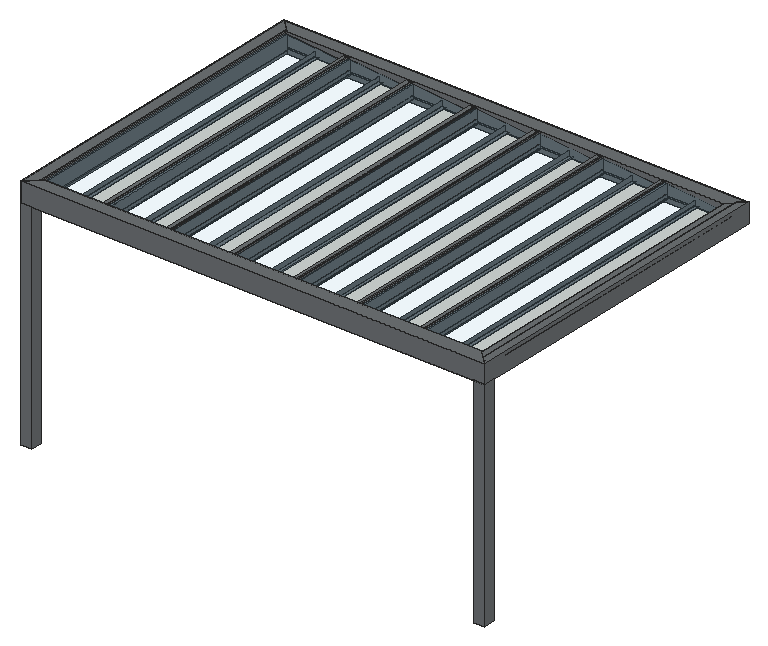
Revit family "Verano_V870_Belluno_GM_R21_Wall Attached 2", category Generic Models, Revit 2021
Family settings
  Can host rebar = No
  Round Connector Dimension = Use Diameter
  Part Type = Normal
  Work Plane-Based = No
  Always vertical = Yes
  Cut with Voids When Loaded = No
  Shared = No
  Room Calculation Point = No
Parameters (values of type "TYPE 1 - Single")
  Width 2 Input (2500 - 4250mm) [instance] = 4250 mm
  Width 2 Constraint [instance] = if([Length 2 Input (1787 - 6000mm)] < 1787 mm, 1787 mm, if([Length 2 Input (1787 - 6000mm)] > 6000 mm, 6000 mm, [Length 2 Input (1787 - 6000mm)]))  # 6000 mm
  Width 1 Input (2500 - 4250mm) [instance] = 4250 mm
  Pillar 3 Visibility = TYPE = 3  # no
  Pillar 2 Visibility = TYPE = 2  # no
  Pillar 1 Visibility = if(or(TYPE = 1, TYPE = 3), 1 = 1, 1 = 0)  # yes
  Width 1 Constraint [instance] = if([Length 1 Input (1787 - 6000mm)] < 1787 mm, 1787 mm, if([Length 1 Input (1787 - 6000mm)] > 6000 mm, 6000 mm, [Length 1 Input (1787 - 6000mm)]))  # 6000 mm
  Warning - Width [instance] = if(or([Width 1 Input (2500 - 4250mm)] < 2500 mm, [Width 1 Input (2500 - 4250mm)] > 4250 mm, [Width 2 Input (2500 - 4250mm)] < 2500 mm, [Width 2 Input (2500 - 4250mm)] > 4250 mm), 1 = 1, 1 = 0)  # no
  Warning - Length [instance] = if(or([Length 1 Input (1787 - 6000mm)] < 1787 mm, [Length 1 Input (1787 - 6000mm)] > 6000 mm, [Length 2 Input (1787 - 6000mm)] < 1787 mm, [Length 2 Input (1787 - 6000mm)] > 6000 mm), 1 = 1, 1 = 0)  # no
  URL = ""
  Pillar Height Constraint [instance] = Height Constraint - 250 mm  # 2800 mm
  Panel Material [instance] = Glass
  Overall Width [instance] = if(TYPE = 1, Width 1 Constraint, if(TYPE = 3, Width 1 Constraint, Width 1 Constraint + Width 2 Constraint))  # 6000 mm
  Overall Depth [instance] = if(TYPE = 1, Depth 1 Constraint, if(TYPE = 2, Depth 1 Constraint, Depth 1 Constraint + Depth 2 Constraint))  # 4250 mm
  Model = "V870 Belluno"
  Manufacturer = "Verano Systems"
  Length 2 Input (1787 - 6000mm) [instance] = 6000 mm
  Length 1 Input (1787 - 6000mm) [instance] = 6000 mm
  Height Input (600 - 3050mm) [instance] = 3050 mm
  Height Constraint [instance] = if([Height Input (600 - 3050mm)] < 600 mm, 600 mm, if([Height Input (600 - 3050mm)] > 3050 mm, 3050 mm, [Height Input (600 - 3050mm)]))  # 3050 mm
  TYPE = 1
  Freestanding-Single = TYPE = 1  # yes
  Freestanding - Double Series = TYPE = 3  # no
  Freestanding - Double Parallel = TYPE = 2  # no
  Frame Material [instance] = V_Antracite
  Fabric Material [instance] = V_Fabric Beige
  Depth 2 Constraint [instance] = if([Width 2 Input (2500 - 4250mm)] < 2500 mm, 2500 mm, if([Width 2 Input (2500 - 4250mm)] > 4250 mm, 4250 mm, [Width 2 Input (2500 - 4250mm)]))  # 4250 mm
  Depth 1 Constraint [instance] = if([Width 1 Input (2500 - 4250mm)] < 2500 mm, 2500 mm, if([Width 1 Input (2500 - 4250mm)] > 4250 mm, 4250 mm, [Width 1 Input (2500 - 4250mm)]))  # 4250 mm
  Default Elevation = 0 mm
  Close Factor Constraint [instance] = if([Closing Factor (0-100%)] < 0, 0, if([Closing Factor (0-100%)] > 100, 100, [Closing Factor (0-100%)]))  # 50
  Closing Factor (0-100%) [instance] = 50
Types (3, lengths in mm): name | Pillar 3 Visibility | Pillar 2 Visibility | Pillar 1 Visibility | URL | Overall Width | Overall Depth | TYPE | Freestanding-Single | Freestanding - Double Series | Freestanding - Double Parallel | Close Factor Constraint | Closing Factor (0-100%)
  TYPE 1 - Single | no | no | yes | "" | 6000 | 4250 | 1 | yes | no | no | 50 | 50
  TYPE 2 - Double Parallel | no | yes | no | "" | 12000 | 4250 | 2 | no | no | yes | 100 | 100
  TYPE 3 - Double Series | yes | no | yes | "https://verano.nl/catalogus/lamellendaken" | 6000 | 8500 | 3 | no | yes | no | 50 | 50
Reference planes
  plane 1 "Center (Front/Back)": y = 0
  plane 2: z = 0
  plane 3 "Center (Left/Right)": x = 0
  plane 4: y = -4250
  plane 5: x = 6000
  plane 6: x = -6000
  plane 7: y = 4250
  plane 8: y = -4175
  plane 9: x = -5925
  plane 10: y = 4175
  plane 11: x = 5925
  plane 12: y = -75
  plane 13: x = -75
  plane 14: x = -3000
  plane 15: y = -2125
  plane 16: y = 2125
Lines and regions (mm)
  symbolic lines, style "GenericModelHiddenLines", visible <- "Freestanding - Double Series"
    curve 1: line (0, 4250, 0) -> (-6000, 4250, 0)
    curve 2: line (0, 4250, 0) -> (0, -4250, 0)
    curve 3: line (0, -4250, 0) -> (-6000, -4250, 0)
    curve 4: line (-6000, 4250, 0) -> (-6000, -4250, 0)
  symbolic lines, style "GenericModelHiddenLines", visible <- "Freestanding - Double Parallel"
    curve 5: line (6000, 0, 0) -> (-6000, 0, 0)
    curve 6: line (6000, 0, 0) -> (6000, -4250, 0)
    curve 7: line (6000, -4250, 0) -> (-6000, -4250, 0)
    curve 8: line (-6000, 0, 0) -> (-6000, -4250, 0)
  symbolic lines, style "GenericModelHiddenLines", visible <- "Freestanding-Single"
    curve 9: line (0, 0, 0) -> (-6000, 0, 0)
    curve 10: line (0, 0, 0) -> (0, -4250, 0)
    curve 11: line (0, -4250, 0) -> (-6000, -4250, 0)
    curve 12: line (-6000, 0, 0) -> (-6000, -4250, 0)
Dimensions and locks
  "Depth 1 Constraint": plane 4 to plane 1 "Center (Front/Back)"
  "Depth 2 Constraint": plane 1 "Center (Front/Back)" to plane 7
  "Width 1 Constraint": plane 6 to plane 3 "Center (Left/Right)"
  "Width 2 Constraint": plane 3 "Center (Left/Right)" to plane 5
  plane 4 to plane 7 = 8500 mm
  plane 6 to plane 5 = 12000 mm
  locked: plane 6 to plane 9 at 75
  locked: plane 4 to plane 8 at 75
  locked: plane 12 to plane 1 "Center (Front/Back)" at 75
  locked: plane 10 to plane 7 at 75
  locked: plane 13 to plane 3 "Center (Left/Right)" at 75
  locked: plane 11 to plane 5 at 75
  equal spacing: plane 6, plane 14, plane 3 "Center (Left/Right)"
  equal spacing: plane 4, plane 15, plane 1 "Center (Front/Back)"
  equal spacing: plane 1 "Center (Front/Back)", plane 16, plane 7
  aligned and locked: level to plane 2
  aligned and locked: nested 1 to plane 8
  aligned and locked: nested 1 to plane 9
  aligned and locked: plane 8 to nested 4
  aligned and locked: nested 4 to plane 13
  aligned and locked: nested 2 to plane 12
  aligned and locked: plane 9 to nested 2
  aligned and locked: plane 13 to nested 3
  aligned and locked: plane 12 to nested 3
  aligned and locked: nested 5 to plane 10
  aligned and locked: plane 9 to nested 5
  aligned and locked: plane 13 to nested 7
  aligned and locked: plane 10 to nested 7
  aligned and locked: nested 6 to plane 1 "Center (Front/Back)"
  aligned and locked: plane 9 to nested 6
  aligned and locked: plane 13 to nested 8
  aligned and locked: plane 1 "Center (Front/Back)" to nested 8
  aligned and locked: plane 11 to nested 10
  aligned and locked: plane 12 to nested 10
  aligned and locked: nested 12 to plane 3 "Center (Left/Right)"
  aligned and locked: plane 8 to nested 12
  aligned and locked: plane 12 to nested 11
  aligned and locked: plane 3 "Center (Left/Right)" to nested 11
  aligned and locked: nested 9 to plane 11
  aligned and locked: plane 8 to nested 9
  aligned and locked: nested 13 to plane 9
  aligned and locked: nested 13 to plane 8
  aligned and locked: plane 8 to nested 14
  aligned and locked: nested 14 to plane 13
  aligned and locked: plane 9 to nested 15
  aligned and locked: nested 15 to plane 12
  aligned and locked: nested 16 to plane 15
  aligned and locked: nested 16 to plane 14
  aligned and locked: nested 17 to plane 3 "Center (Left/Right)"
  aligned and locked: nested 17 to plane 15
  aligned and locked: nested 18 to plane 16
  aligned and locked: nested 18 to plane 14
  aligned and locked: curve 1 to plane 7
  aligned and locked: curve 2 to plane 3 "Center (Left/Right)"
  aligned and locked: curve 3 to plane 4
  aligned and locked: curve 4 to plane 6
  aligned and locked: curve 5 to plane 1 "Center (Front/Back)"
  aligned and locked: curve 6 to plane 5
  aligned and locked: curve 7 to plane 4
  aligned and locked: curve 8 to plane 6
  aligned and locked: curve 9 to plane 1 "Center (Front/Back)"
  aligned and locked: curve 10 to plane 3 "Center (Left/Right)"
Nested families
  nested 1: "Pillar" at (-5925, -4175, 0), type "Pillar"
    with Pillar Height 2800 mm
  nested 2: "Pillar" at (-5925, -75, 0), type "Pillar", not visible
    with Pillar Height 2800 mm
  nested 3: "Pillar" at (-75, -75, 0), type "Pillar", not visible
    with Pillar Height 2800 mm
  nested 4: "Pillar" at (-75, -4175, 0), visible <- "Pillar 1 Visibility", type "Pillar"
    with Pillar Height 2800 mm
  nested 5: "Pillar" at (-5925, 4175, 0), type "Pillar", not visible
    with Pillar Height 2800 mm
  nested 6: "Pillar" at (-5925, 0, 0), visible <- "Pillar 3 Visibility", type "Pillar"
    with Pillar Height 2800 mm
  nested 7: "Pillar" at (-75, 4175, 0), type "Pillar", not visible
    with Pillar Height 2800 mm
  nested 8: "Pillar" at (-75, 0, 0), visible <- "Pillar 3 Visibility", type "Pillar"
    with Pillar Height 2800 mm
  nested 9: "Pillar" at (5925, -4175, 0), visible <- "Pillar 2 Visibility", type "Pillar"
    with Pillar Height 2800 mm
  nested 10: "Pillar" at (5925, -75, 0), type "Pillar", not visible
    with Pillar Height 2800 mm
  nested 11: "Pillar" at (0, -75, 0), type "Pillar", not visible
    with Pillar Height 2800 mm
  nested 12: "Pillar" at (0, -4175, 0), visible <- "Pillar 2 Visibility", type "Pillar"
    with Pillar Height 2800 mm
  nested 13: "Pillar" at (-5925, -4175, 0), type "Pillar"
    with Pillar Height 2800 mm
  nested 14: "Pillar" at (-75, -4175, 0), visible <- "Pillar 1 Visibility", type "Pillar"
    with Pillar Height 2800 mm
  nested 15: "Pillar" at (-5925, -75, 0), type "Pillar", not visible
    with Pillar Height 2800 mm
  nested 16: "Frame_TYPE 1" at (-3000, -2125, 2800), built-in parameter 1001360 <- "Pillar Height Constraint", type "Frame_TYPE 1"
    with Width 6000 mm, Segment Width 817.857 mm, Openness Percentage (1 - 100) 50, Openness Maximal 737.857 mm, Internal Width 5645 mm, Internal Depth 3895 mm, Glass Width 788.418 mm, Fabric Width 433.929 mm, Fabric Openness 368.929 mm, Depth 4250 mm, Clear Segment Width 737.857 mm, Angle 2 4.61966°, Angle 1 4.61966°
  nested 17: "Frame_TYPE 1" at (2997.5, -2125, 2800), built-in parameter 1001360 <- "Pillar Height Constraint", visible <- "Freestanding - Double Parallel", type "Frame_TYPE 2"
    with Width 6000 mm, Segment Width 817.857 mm, Openness Percentage (1 - 100) 50, Openness Maximal 737.857 mm, Internal Width 5645 mm, Internal Depth 3895 mm, Glass Width 788.418 mm, Fabric Width 433.929 mm, Fabric Openness 368.929 mm, Depth 4250 mm, Clear Segment Width 737.857 mm, Angle 2 4.61966°, Angle 1 4.61966°
  nested 18: "Frame_TYPE 1" at (-3000, 2125, 2800), visible <- "Freestanding - Double Series", built-in parameter 1001360 <- "Pillar Height Constraint", type "Frame_TYPE 3"
    with Width 6000 mm, Segment Width 817.857 mm, Openness Percentage (1 - 100) 50, Openness Maximal 737.857 mm, Internal Width 5645 mm, Internal Depth 3895 mm, Glass Width 788.418 mm, Fabric Width 433.929 mm, Fabric Openness 368.929 mm, Depth 4250 mm, Clear Segment Width 737.857 mm, Angle 2 4.61966°, Angle 1 4.61966°
Definition of nested family "Pillar"
  Parameters (values of type "Pillar")
    Pillar Height = 2500 mm
    Frame Material = none
    Default Elevation = 0 mm
  Reference planes
    plane 1 "Center (Front/Back)": y = 0
    plane 2: z = 0
    plane 3 "Center (Left/Right)": x = 0
    plane 4: z = 2500
  Forms (mm)
    Extrusion 1, solid, material <- "Frame Material"
      sketch origin (0, 0, 0) x (1, 0, 0) y (0, 1, 0)
        loop
          line (73, 75) -> (-73, 75) -> (-75, 73) -> (-75, -73) -> (-73, -75) -> (73, -75) -> (75, -73) -> (75, 73) -> (73, 75)
      from 0 to 2500
  Dimensions and locks
    "Pillar Height": plane 4 to level
    aligned and locked: level to plane 2
    aligned and locked: plane 4 to Extrusion 1
  Automatic sketch dimensions
    Extrusion 1 sketch curve to Extrusion 1 sketch curve = 2 mm  (x7)
    Extrusion 1 sketch curve to plane 1 "Center (Front/Back)" = 73 mm  (x2)
    Extrusion 1 sketch curve to plane 3 "Center (Left/Right)" = 75 mm
    plane 3 "Center (Left/Right)" to Extrusion 1 sketch curve = 73 mm
    plane 1 "Center (Front/Back)" to Extrusion 1 sketch curve = 73 mm
Definition of nested family "Frame_TYPE 1"
  Parameters (values of type "Frame_TYPE 1")
    Width = 5987 mm
    Segment Width = (Internal Width + 80 mm) / Number of Segments Constraint  # 816 mm
    Panel Material = none
    Openness Percentage (1 - 100) = 25
    Openness Maximal = Segment Width - 80 mm  # 736 mm
    Openness Minimal = 0 mm  # constant formula
    Number of Segments Constraint = if(Number of Segments < 3, 3, Number of Segments)  # 7
    Number of Segments = Internal Width / 800 mm  # 7
    Number of Rails = Number of Segments Constraint - 1  # 6
    Internal Width = Width - 2 * 177.5 mm  # 5632 mm
    Internal Depth = Depth - 2 * 177.5 mm  # 3632 mm
    Glass Width = sqrt((Segment Width - 2 * 16 mm) ^ 2 + 63.5 mm ^ 2)  # 786.567 mm
    Frame Material = none
    Fabric Width = Fabric Openness + 30 mm + 35 mm  # 249 mm
    Fabric Openness = (Openness Maximal - Openness Minimal) * [Openness Percentage (1 - 100)] / 100  # 184 mm
    Fabric Material = none
    Depth = 3987 mm
    Default Elevation = 0 mm
    Clear Segment Width = Segment Width - 80 mm  # 736 mm
    Angle 2 = asin(63.5 mm / Glass Width)  # 4.63056°
    Angle 1 = acos((Segment Width - 2 * 16 mm) / Glass Width)  # 4.63056°
  Reference planes
    plane 1 "Center (Front/Back)": y = 0
    plane 2: z = 0
    plane 3 "Center (Left/Right)": x = 0
    plane 4: x = 2993.5
    plane 5: x = -2993.5
    plane 6: y = 1993.5
    plane 7: y = -1993.5
    plane 8: x = -2816
    plane 9: x = 2816
    plane 10: y = 1816
    plane 11: y = -1816
    plane 12: x = -2856
    plane 13 "C1": x = -2040
    plane 14: x = 2856
    plane 15: x = 2040
    plane 16: x = -2224
    plane 17: x = 2672
    plane 18 "Fabric": z = 67
  Lines and regions (mm)
    model lines
      curve 1: line (-2815.998, 0, 247.618) -> (-2840, 0, 247.618)
      curve 2: line (-2815.998, 0, 231.618) -> (-2815.998, 0, 247.618)
      curve 3: line (-2840, 0, 247.618) -> (-2840, 0, 224.659)
  Dimensions and locks
    equal spacing: plane 5, plane 3 "Center (Left/Right)", plane 4
    "Width": plane 5 to plane 4
    equal spacing: plane 7, plane 1 "Center (Front/Back)", plane 6
    "Depth": plane 7 to plane 6
    locked: plane 7 to plane 11 at 177.5
    locked: plane 10 to plane 6 at 177.5
    locked: plane 5 to plane 8 at 177.5
    locked: plane 9 to plane 4 at 177.5
    locked: plane 5 to plane 12 at 137.5
    "Segment Width": plane 12 to plane 13 "C1"
    locked: plane 14 to plane 4 at 137.5
    "Segment Width": plane 15 to plane 14
    plane 13 "C1" to plane 15 = 4080 mm
    "Fabric Openness": plane 16 to plane 13 "C1"
    "Fabric Openness": plane 17 to plane 14
    equal spacing: group 1, group 3, group 4, group 10, group 11, group 2  (x3)
    equal spacing: group 5, group 7, group 8, group 9, group 12, group 13, group 6  (x3)
    aligned and locked: level to plane 2
    aligned and locked: nested 1 to plane 1 "Center (Front/Back)"
    aligned and locked: plane 1 "Center (Front/Back)" to nested 2
    aligned and locked: plane 5 to nested 1
    aligned and locked: plane 4 to nested 2
    aligned and locked: nested 4 to plane 3 "Center (Left/Right)"
    aligned and locked: plane 3 "Center (Left/Right)" to nested 3
    aligned and locked: nested 3 to plane 6
    aligned and locked: nested 4 to plane 7
    aligned and locked: nested 5 to plane 1 "Center (Front/Back)"
    aligned and locked: nested 6 to plane 1 "Center (Front/Back)"
    aligned and locked: plane 16 to nested 6
    aligned and locked: plane 13 "C1" to nested 5
    aligned and locked: plane 1 "Center (Front/Back)" to nested 7
    aligned and locked: plane 15 to nested 7
    aligned and locked: plane 1 "Center (Front/Back)" to nested 10
    aligned and locked: plane 17 to nested 10
  Automatic sketch dimensions
    plane 12 to curve 3 = 16 mm
    plane 8 to curve 2 = 0.002 mm
    curve 2 to curve 1 = 16 mm
    curve 3 to curve 1 = 22.959 mm
    curve 2 to plane 18 "Fabric" = 180.618 mm
  Nested families
    nested 1: "External Profile_P3" at (-2993.5, 0, 0), type "External Profile_P3"
      with Length 3987 mm, Glass Width 786.567 mm, Glass Angle 4.63056°
    nested 2: "External Profile_P2" at (2993.5, 0, 0), type "External Profile_P2"
      with Length 3987 mm
    nested 3: "External Profile_P1" at (0, 1993.5, 0), type "External Profile_P1"
      with Length 5987 mm
    nested 4: "External Profile_P1" at (0, -1993.5, 0) x (-1, 0, 0) z (0, 0, 1), type "External Profile_P1"
      with Length 5987 mm
    nested 5: "Middle Rail" at (-2040, 0, 0), type "Middle Rail"
      with Glass Width 786.567 mm, Glass Angle 4.63056°
    nested 6: "Sliding Mask" at (-2224, 0, 0), type "Sliding Mask"
      with Length 3632 mm, Fabric Width 249 mm
    nested 7: "Middle Rail" at (2040, 0, 0), type "Middle Rail"
      with Glass Width 786.567 mm, Glass Angle 4.63056°
    nested 8: "Middle Rail" at (-1224, 0, 0), type "Middle Rail"
      with Glass Width 786.567 mm, Glass Angle 4.63056°
    nested 9: "Middle Rail" at (-408, 0, 0), type "Middle Rail"
      with Glass Width 786.567 mm, Glass Angle 4.63056°
    nested 10: "Sliding Mask" at (2672, 0, 0), type "Sliding Mask"
      with Length 3632 mm, Fabric Width 249 mm
    nested 11: "Sliding Mask" at (-1408, 0, 0), type "Sliding Mask"
      with Length 3632 mm, Fabric Width 249 mm
    nested 12: "Sliding Mask" at (-592, 0, 0), type "Sliding Mask"
      with Length 3632 mm, Fabric Width 249 mm
    nested 13: "Sliding Mask" at (224, 0, 0), type "Sliding Mask"
      with Length 3632 mm, Fabric Width 249 mm
    nested 14: "Middle Rail" at (408, 0, 0), type "Middle Rail"
      with Glass Width 786.567 mm, Glass Angle 4.63056°
    nested 15: "Middle Rail" at (1224, 0, 0), type "Middle Rail"
      with Glass Width 786.567 mm, Glass Angle 4.63056°
    nested 16: "Sliding Mask" at (1040, 0, 0), type "Sliding Mask"
      with Length 3632 mm, Fabric Width 249 mm
    nested 17: "Sliding Mask" at (1856, 0, 0), type "Sliding Mask"
      with Length 3632 mm, Fabric Width 249 mm
  Definition of nested family "External Profile_P3"
    Parameters (values of type "External Profile_P3")
      Panel Material = none
      Length = 5000 mm
      Glass Width = 250 mm
      Glass Angle = 5.10°
      Frame Material = none
      Default Elevation = 0 mm
    Reference planes
      plane 1 "Center (Front/Back)": y = 0
      plane 2: z = 0
      plane 3 "Center (Left/Right)": x = 0
      plane 4: y = 2500
      plane 5: y = -2500
      plane 6: y = 2322.49
      plane 7: y = -2322.49
      plane 8: x = 177.502
      plane 9 "GSH": z = 224.618
      plane 10 "GSV": x = 153.502
      plane 11: z = 228.618
      plane 12: z = 220.618
    Forms (mm)
      Extrusion 1, solid, material <- "Frame Material"
        sketch origin (0, 0, 0) x (1, 0, 0) y (0, 0, 1)
          loop
            line (0, 247.618) -> (0, 0) -> (177.502, 0) -> (177.502, 27) -> (160.754, 27) -> (151.502, 17.747) -> (151.502, 3) -> (2.5, 3) -> (2.5, 245.121) -> (142.51, 245.121) -> (142.51, 207.121) -> (175.51, 207.121) -> (175.51, 34.872) -> (137.76, 34.872) -> (137.76, 32.072) -> (175.51, 32.072)
            arc (175.51, 32.072) -> (176.924, 32.658) -> (177.51, 34.072) r 2
            line (177.51, 34.072) -> (177.51, 216.228) -> (160.51, 217.715) -> (160.51, 209.121) -> (144.51, 209.121) -> (144.51, 245.121) -> (175.885, 245.121) -> (175.885, 238.421) -> (177.502, 238.421) -> (177.502, 245.618)
            arc (177.502, 245.618) -> (176.916, 247.032) -> (175.502, 247.618) r 2
            line (175.502, 247.618) -> (0, 247.618)
        from -2500 to 2500
      Extrusion 2, void
        sketch origin (0, 0, 0) x (1, 0, 0) y (0, 1, 0)
          loop
            line (0, 2500) -> (177.51, 2322.49) -> (354.287, 2499.267) -> (176.777, 2676.777) -> (0, 2500)
        from 0 to 250
      Extrusion 3, void
        sketch origin (0, 0, 0) x (1, 0, 0) y (0, 1, 0)
          loop
            line (0, -2500) -> (176.777, -2676.777) -> (354.287, -2499.267) -> (177.51, -2322.49) -> (0, -2500)
        from 0 to 250
      Revolve 4, solid, not visible
        sketch origin (153.502, 0, 0) x (0, 0, -1) y (0, -1, 0)
          loop
            line (-228.618, -2322.49) -> (-220.618, -2322.49) -> (-220.618, 2322.49) -> (-228.618, 2322.49) -> (-228.618, -2322.49)
          axis (-220.618, 2322.49) -> (-220.618, -2322.49)
        angle from 5.1 <- "Glass Angle" to -90
      Extrusion 5, solid, material <- "Panel Material"
        sketch origin (153.502, -2826.516, 220.618) x (0, 1, 0) y (0.088894, 0, 0.996041)
          loop
            line (5149.006, 8) -> (504.026, 8) -> (504.026, 0) -> (5149.006, 0) -> (5149.006, 8)
        from 0 to 250 <- "Glass Width"
    Cuts and joins
      Extrusion 2, Extrusion 3 cuts Extrusion 1
    Dimensions and locks
      equal spacing: plane 5, plane 1 "Center (Front/Back)", plane 4
      "Length": plane 5 to plane 4
      locked: plane 6 to plane 4 at 177.51
      locked: plane 5 to plane 7 at 177.51
      locked: plane 3 "Center (Left/Right)" to plane 8 at 177.502
      locked: plane 10 "GSV" to plane 8 at 24
      locked: plane 9 "GSH" to plane 2 at 224.618
      equal spacing: plane 11, plane 9 "GSH", plane 12
      locked: plane 11 to plane 12 at 8
      aligned and locked: level to plane 2
      aligned and locked: Extrusion 1 to plane 4
      aligned and locked: plane 5 to Extrusion 1
      aligned and locked: plane 4 to Extrusion 2 sketch curve
      aligned and locked: plane 6 to Extrusion 2 sketch curve
      aligned and locked: plane 7 to Extrusion 3 sketch curve
      aligned and locked: plane 5 to Extrusion 3 sketch curve
      aligned and locked: plane 6 to Revolve 4 sketch curve
      aligned and locked: plane 11 to Revolve 4 sketch curve
      aligned and locked: plane 12 to Revolve 4 sketch curve
      aligned and locked: Revolve 4 sketch curve to plane 7
      aligned and locked: Extrusion 5 sketch curve to Revolve 4  (x3)
      aligned and locked: Revolve 4 to Extrusion 5 sketch curve
    Automatic sketch dimensions
      Extrusion 1 sketch curve to level = 0 mm
      Extrusion 1 sketch curve to plane 3 "Center (Left/Right)" = 0 mm
      plane 8 to Extrusion 1 sketch curve = 0 mm
      plane 3 "Center (Left/Right)" to Extrusion 1 sketch curve = 2.5 mm
      plane 8 to Extrusion 1 sketch curve = 39.742 mm
      plane 8 to Extrusion 1 sketch curve = 34.992 mm
      Extrusion 1 sketch curve to Extrusion 1 sketch curve = 2 mm  (x2)
      level to Extrusion 1 sketch curve = 3 mm
      plane 8 to Extrusion 1 sketch curve = 26.001 mm
      plane 8 to Extrusion 1 sketch curve = 16.992 mm
      Extrusion 1 sketch curve to Extrusion 1 sketch curve = 9.253 mm
      plane 8 to Extrusion 1 sketch curve = 2 mm
      plane 8 to Extrusion 1 sketch curve = 1.992 mm  (x2)
      plane 8 to Extrusion 1 sketch curve = 1.618 mm
      plane 8 to Extrusion 1 sketch curve = 0.001 mm
      Extrusion 1 sketch curve to plane 8 = 0.008 mm
      Extrusion 1 sketch curve to Extrusion 1 sketch curve = 14.747 mm
      level to Extrusion 1 sketch curve = 27 mm
      Extrusion 1 sketch curve to Extrusion 1 sketch curve = 5.072 mm
      Extrusion 1 sketch curve to Extrusion 1 sketch curve = 2.8 mm
      Extrusion 1 sketch curve to Extrusion 1 sketch curve = 172.249 mm
      Extrusion 1 sketch curve to Extrusion 1 sketch curve = 9.107 mm
      Extrusion 1 sketch curve to Extrusion 1 sketch curve = 8.594 mm
      Extrusion 1 sketch curve to Extrusion 1 sketch curve = 22.193 mm
      Extrusion 1 sketch curve to Extrusion 1 sketch curve = 27.406 mm
      Extrusion 1 sketch curve to Extrusion 1 sketch curve = 6.7 mm
      Extrusion 1 sketch curve to Extrusion 1 sketch curve = 0.497 mm
      Extrusion 2 sketch curve to plane 3 "Center (Left/Right)" = 0 mm
      plane 8 to Extrusion 2 sketch curve = 0.725 mm
      Extrusion 2 sketch curve to plane 8 = 0.008 mm
      Extrusion 3 sketch curve to plane 3 "Center (Left/Right)" = 0 mm
      plane 8 to Extrusion 3 sketch curve = 0.725 mm
      Extrusion 3 sketch curve to plane 8 = 0.008 mm
      plane 12 to Revolve 4 sketch curve = 0 mm
      Revolve 4 sketch curve to plane 4 = 176.777 mm
      plane 5 to Revolve 4 sketch curve = 326.516 mm
  Definition of nested family "External Profile_P2"
    Parameters (values of type "External Profile_P2")
      Length = 3000 mm
      Frame Material = none
      Default Elevation = 0 mm
    Reference planes
      plane 1 "Center (Front/Back)": y = 0
      plane 2: z = 0
      plane 3 "Center (Left/Right)": x = 0
      plane 4: y = 1500
      plane 5: y = -1500
      plane 6: x = -177.502
      plane 7: y = 1322.498
      plane 8: y = -1322.498
    Forms (mm)
      Extrusion 1, solid, material <- "Frame Material"
        sketch origin (0, 0, 0) x (1, 0, 0) y (0, 0, 1)
          loop
            line (0, 247.618) -> (-175.502, 247.618)
            arc (-175.502, 247.618) -> (-176.916, 247.032) -> (-177.502, 245.618) r 2
            line (-177.502, 245.618) -> (-177.502, 238.421) -> (-175.885, 238.421) -> (-175.885, 245.121) -> (-147.002, 245.121) -> (-147.002, 237.921) -> (-173.5, 237.921) -> (-173.5, 179.916) -> (-145.5, 179.916) -> (-145.5, 174.621) -> (-132.5, 161.621) -> (-132.5, 152.534) -> (-173.5, 156.121) -> (-173.5, 113.121)
            arc (-173.5, 113.121) -> (-172.036, 109.585) -> (-168.5, 108.121) r 5
            line (-168.5, 108.121) -> (-99.5, 108.121) -> (-99.5, 245.121) -> (-2.5, 245.121) -> (-2.5, 3) -> (-116.5, 3) -> (-116.5, 68.001) -> (-118.5, 68.001) -> (-118.5, 27) -> (-138.002, 27) -> (-138.002, 17) -> (-150.754, 17) -> (-160.754, 27) -> (-177.502, 27) -> (-177.502, 0) -> (0, 0) -> (0, 247.618)
          loop
            arc (-115.65, 83.486) -> (-119.983, 87.122) -> (-123.619, 82.789) r 4
            line (-123.619, 82.789) -> (-122.5, 69.995) -> (-122.5, 47.134)
            arc (-122.5, 47.134) -> (-122.793, 46.427) -> (-123.5, 46.134) r 1
            line (-123.5, 46.134) -> (-130.5, 46.134)
            arc (-130.5, 46.134) -> (-130.962, 45.825) -> (-130.854, 45.28) r 0.5
            line (-130.854, 45.28) -> (-129.5, 43.927) -> (-129.5, 43.136) -> (-128.5, 42.136) -> (-129.5, 41.136) -> (-129.5, 40.345) -> (-130.854, 38.991)
            arc (-130.854, 38.991) -> (-130.962, 38.446) -> (-130.5, 38.137) r 0.5
            line (-130.5, 38.137) -> (-123, 38.137)
            arc (-123, 38.137) -> (-121.586, 38.723) -> (-121, 40.137) r 2
            line (-121, 40.137) -> (-121, 70.06) -> (-122.125, 82.92)
            arc (-122.125, 82.92) -> (-119.852, 85.628) -> (-117.144, 83.355) r 2.5
            line (-117.144, 83.355) -> (-115.75, 67.42) -> (-115.75, 60.975) -> (-114.25, 60.975) -> (-114.25, 67.487) -> (-115.65, 83.486)
        from -1500 to 1500
      Extrusion 2, void
        sketch origin (0, 0, 0) x (1, 0, 0) y (0, 1, 0)
          loop
            line (-177.502, 1322.498) -> (0, 1500) -> (-176.777, 1676.777) -> (-354.279, 1499.275) -> (-177.502, 1322.498)
        from 0 to 250
      Extrusion 3, void
        sketch origin (0, 0, 0) x (1, 0, 0) y (0, 1, 0)
          loop
            line (-177.502, -1322.498) -> (-354.279, -1499.275) -> (-176.777, -1676.777) -> (0, -1500) -> (-177.502, -1322.498)
        from 0 to 250
    Cuts and joins
      Extrusion 2, Extrusion 3 cuts Extrusion 1
    Dimensions and locks
      equal spacing: plane 5, plane 1 "Center (Front/Back)", plane 4
      "Length": plane 5 to plane 4
      locked: plane 7 to plane 4 at 177.502
      locked: plane 6 to plane 3 "Center (Left/Right)" at 177.502  (x2)
      locked: plane 5 to plane 8 at 177.502
      aligned and locked: level to plane 2
      aligned and locked: Extrusion 1 to plane 4
      aligned and locked: plane 5 to Extrusion 1
      aligned and locked: plane 7 to Extrusion 2 sketch curve
      aligned and locked: plane 4 to Extrusion 2 sketch curve
      aligned and locked: plane 8 to Extrusion 3 sketch curve
      aligned and locked: plane 5 to Extrusion 3 sketch curve
    Automatic sketch dimensions
      Extrusion 1 sketch curve to Extrusion 1 sketch curve = 0 mm  (x4)
      Extrusion 1 sketch curve to plane 6 = 0 mm
      Extrusion 1 sketch curve to level = 0 mm
      Extrusion 1 sketch curve to plane 3 "Center (Left/Right)" = 0 mm
      plane 6 to Extrusion 1 sketch curve = 0.001 mm
      plane 6 to Extrusion 1 sketch curve = 1.618 mm
      Extrusion 1 sketch curve to Extrusion 1 sketch curve = 0.382 mm
      Extrusion 1 sketch curve to Extrusion 1 sketch curve = 2.385 mm
      plane 6 to Extrusion 1 sketch curve = 4.002 mm
      Extrusion 1 sketch curve to Extrusion 1 sketch curve = 5 mm
      Extrusion 1 sketch curve to Extrusion 1 sketch curve = 16.747 mm
      Extrusion 1 sketch curve to Extrusion 1 sketch curve = 10 mm  (x2)
      Extrusion 1 sketch curve to Extrusion 1 sketch curve = 26.498 mm
      Extrusion 1 sketch curve to Extrusion 1 sketch curve = 28 mm
      Extrusion 1 sketch curve to Extrusion 1 sketch curve = 12.753 mm
      Extrusion 1 sketch curve to Extrusion 1 sketch curve = 13 mm  (x2)
      Extrusion 1 sketch curve to Extrusion 1 sketch curve = 7.148 mm
      Extrusion 1 sketch curve to Extrusion 1 sketch curve = 0.354 mm  (x3)
      Extrusion 1 sketch curve to Extrusion 1 sketch curve = 1.354 mm  (x3)
      Extrusion 1 sketch curve to Extrusion 1 sketch curve = 1 mm  (x3)
      Extrusion 1 sketch curve to Extrusion 1 sketch curve = 6.881 mm
      Extrusion 1 sketch curve to Extrusion 1 sketch curve = 6 mm
      Extrusion 1 sketch curve to Extrusion 1 sketch curve = 5.5 mm
      Extrusion 1 sketch curve to Extrusion 1 sketch curve = 1.494 mm  (x2)
      Extrusion 1 sketch curve to Extrusion 1 sketch curve = 1.5 mm  (x2)
      Extrusion 1 sketch curve to Extrusion 1 sketch curve = 2.49 mm  (x2)
      Extrusion 1 sketch curve to Extrusion 1 sketch curve = 4.5 mm
      Extrusion 1 sketch curve to Extrusion 1 sketch curve = 2 mm
      Extrusion 1 sketch curve to Extrusion 1 sketch curve = 0.75 mm
      Extrusion 1 sketch curve to Extrusion 1 sketch curve = 47.502 mm
      Extrusion 1 sketch curve to plane 3 "Center (Left/Right)" = 2.5 mm
      level to Extrusion 1 sketch curve = 3 mm
      level to Extrusion 1 sketch curve = 17 mm
      level to Extrusion 1 sketch curve = 27 mm
      Extrusion 1 sketch curve to Extrusion 1 sketch curve = 11.137 mm
      Extrusion 1 sketch curve to Extrusion 1 sketch curve = 0.5 mm  (x2)
      Extrusion 1 sketch curve to Extrusion 1 sketch curve = 0.791 mm  (x2)
      Extrusion 1 sketch curve to Extrusion 1 sketch curve = 13.841 mm
      Extrusion 1 sketch curve to Extrusion 1 sketch curve = 6.444 mm
      Extrusion 1 sketch curve to Extrusion 1 sketch curve = 0.067 mm
      Extrusion 1 sketch curve to Extrusion 1 sketch curve = 0.581 mm
      Extrusion 1 sketch curve to Extrusion 1 sketch curve = 1.994 mm
      Extrusion 1 sketch curve to Extrusion 1 sketch curve = 0.065 mm
      Extrusion 1 sketch curve to Extrusion 1 sketch curve = 12.794 mm
      Extrusion 1 sketch curve to Extrusion 1 sketch curve = 0.131 mm
      Extrusion 1 sketch curve to Extrusion 1 sketch curve = 0.218 mm
      Extrusion 1 sketch curve to Extrusion 1 sketch curve = 24.635 mm
      Extrusion 1 sketch curve to Extrusion 1 sketch curve = 39.413 mm
      Extrusion 1 sketch curve to Extrusion 1 sketch curve = 3.587 mm
      Extrusion 1 sketch curve to Extrusion 1 sketch curve = 9.087 mm
      Extrusion 1 sketch curve to Extrusion 1 sketch curve = 5.295 mm
      Extrusion 1 sketch curve to Extrusion 1 sketch curve = 58.005 mm
      Extrusion 1 sketch curve to Extrusion 1 sketch curve = 7.2 mm  (x2)
      Extrusion 1 sketch curve to Extrusion 1 sketch curve = 0.497 mm
      Extrusion 2 sketch curve to plane 6 = 0 mm
      Extrusion 2 sketch curve to plane 3 "Center (Left/Right)" = 0 mm
      plane 4 to Extrusion 2 sketch curve = 0.725 mm
      Extrusion 3 sketch curve to plane 6 = 0 mm
      Extrusion 3 sketch curve to plane 3 "Center (Left/Right)" = 0 mm
      Extrusion 3 sketch curve to plane 5 = 0.725 mm
  Definition of nested family "External Profile_P1"
    Parameters (values of type "External Profile_P1")
      Length = 2000 mm
      Frame Material = none
      Default Elevation = 0 mm
    Reference planes
      plane 1 "Center (Front/Back)": y = 0
      plane 2: z = 0
      plane 3 "Center (Left/Right)": x = 0
      plane 4: x = -1000
      plane 5: x = 1000
      plane 6: x = -822.498
      plane 7: y = -177.502
      plane 8: x = 822.498
    Forms (mm)
      Extrusion 1, solid, material <- "Frame Material"
        sketch origin (0, 0, 0) x (0, 1, 0) y (0, 0, 1)
          loop
            line (0, 0) -> (0, 247.618) -> (-177.502, 247.618) -> (-177.502, 81.376) -> (-175.003, 81.376) -> (-175.003, 245.121) -> (-2.5, 245.121) -> (-2.5, 3) -> (-175.003, 3) -> (-175.003, 56.5) -> (-177.502, 56.5) -> (-177.502, 0) -> (0, 0)
        from -1000 to 1000
      Extrusion 2, void
        sketch origin (0, 0, 0) x (1, 0, 0) y (0, 1, 0)
          loop
            line (-1000, 0) -> (-1176.777, -176.777) -> (-999.275, -354.278) -> (-822.498, -177.502) -> (-1000, 0)
        from 0 to 250
      Extrusion 3, void
        sketch origin (0, 0, 0) x (-1, 0, 0) y (0, -1, 0)
          loop
            line (-1000, 0) -> (-822.498, 177.502) -> (-999.275, 354.278) -> (-1176.777, 176.777) -> (-1000, 0)
        from 0 to 250
    Cuts and joins
      Extrusion 2, Extrusion 3 cuts Extrusion 1
    Dimensions and locks
      equal spacing: plane 4, plane 3 "Center (Left/Right)", plane 5
      "Length": plane 4 to plane 5
      locked: plane 4 to plane 6 at 177.502
      locked: plane 7 to plane 1 "Center (Front/Back)" at 177.502
      locked: plane 8 to plane 5 at 177.502
      aligned and locked: level to plane 2
      aligned and locked: Extrusion 1 to plane 4
      aligned and locked: plane 5 to Extrusion 1
      aligned and locked: plane 1 "Center (Front/Back)" to Extrusion 2 sketch curve
      aligned and locked: plane 6 to Extrusion 2 sketch curve
      aligned and locked: plane 4 to Extrusion 2 sketch curve
      aligned and locked: plane 8 to Extrusion 3 sketch curve
      aligned and locked: plane 5 to Extrusion 3 sketch curve
    Automatic sketch dimensions
      Extrusion 1 sketch curve to plane 7 = 0 mm  (x2)
      Extrusion 1 sketch curve to level = 0 mm
      Extrusion 1 sketch curve to plane 1 "Center (Front/Back)" = 0 mm
      plane 7 to Extrusion 1 sketch curve = 2.498 mm  (x2)
      plane 1 "Center (Front/Back)" to Extrusion 1 sketch curve = 2.5 mm
      level to Extrusion 1 sketch curve = 3 mm
      Extrusion 1 sketch curve to Extrusion 1 sketch curve = 53.5 mm
      Extrusion 1 sketch curve to Extrusion 1 sketch curve = 24.876 mm
      Extrusion 1 sketch curve to Extrusion 1 sketch curve = 163.745 mm
      Extrusion 1 sketch curve to Extrusion 1 sketch curve = 2.497 mm
      Extrusion 2 sketch curve to plane 7 = 0 mm
      plane 7 to Extrusion 2 sketch curve = 0.725 mm
      plane 1 "Center (Front/Back)" to Extrusion 3 sketch curve = 0 mm
      Extrusion 3 sketch curve to plane 7 = 0 mm
      plane 7 to Extrusion 3 sketch curve = 0.725 mm
  Definition of nested family "Middle Rail"
    Parameters (values of type "Middle Rail")
      Panel Material = none
      Length = 3632 mm
      Glass Width = 713.232 mm
      Glass Angle = 5.10788°
      Frame Material = none
      Default Elevation = 0 mm
    Reference planes
      plane 1 "Center (Front/Back)": y = 0
      plane 2: z = 0
      plane 3 "Center (Left/Right)": x = 0
      plane 4: y = 1816
      plane 5: y = -1816
      plane 6: x = 15.558
      plane 7: z = 224.696
      plane 8: z = 161.199
      plane 9: x = -15.558
      plane 10: z = 225
      plane 11 "22": x = 16.5
      plane 12: z = 221
      plane 13: z = 229
    Forms (mm)
      Extrusion 1, solid, material <- "Frame Material"
        sketch origin (0, 0, 0) x (1, 0, 0) y (0, 0, 1)
          loop
            line (-35.5, 237.921) -> (-35.5, 179.916) -> (-16.5, 179.916) -> (-16.5, 184.916) -> (-7.5, 184.916) -> (-7.5, 174.621) -> (5.5, 161.621) -> (5.5, 110.134) -> (-30.5, 110.134)
            arc (-30.5, 110.134) -> (-32.621, 111.013) -> (-33.5, 113.134) r 3
            line (-33.5, 113.134) -> (-33.5, 149.121) -> (-21.5, 149.121)
            arc (-21.5, 149.121) -> (-19.379, 150) -> (-18.5, 152.121) r 3
            line (-18.5, 152.121) -> (-18.5, 154.634) -> (-35.5, 156.121) -> (-35.5, 113.121)
            arc (-35.5, 113.121) -> (-34.036, 109.585) -> (-30.5, 108.121) r 5
            line (-30.5, 108.121) -> (38.5, 108.121) -> (38.5, 103.402) -> (25.603, 97.388) -> (25.603, 96.569) -> (28.58, 96.569) -> (38.5, 101.195) -> (38.5, 34.872) -> (0.75, 34.872) -> (0.75, 32.072) -> (38.5, 32.072)
            arc (38.5, 32.072) -> (39.914, 32.658) -> (40.5, 34.072) r 2
            line (40.5, 34.072) -> (40.5, 216.228) -> (23.5, 217.715) -> (23.5, 209.121) -> (7.5, 209.121) -> (7.5, 236.121) -> (36.7, 236.121) -> (36.7, 232.421) -> (38.5, 232.421) -> (38.5, 235.921)
            arc (38.5, 235.921) -> (37.914, 237.335) -> (36.5, 237.921) r 2
            line (36.5, 237.921) -> (-35.5, 237.921)
          loop
            line (35.056, 83.407) -> (36.45, 67.471) -> (36.45, 61.027) -> (37.95, 61.027) -> (37.95, 67.539) -> (36.551, 83.538)
            arc (36.551, 83.538) -> (32.217, 87.174) -> (28.581, 82.841) r 4
            line (28.581, 82.841) -> (29.7, 70.047) -> (29.7, 47.186)
            arc (29.7, 47.186) -> (29.408, 46.479) -> (28.7, 46.186) r 1
            line (28.7, 46.186) -> (21.7, 46.186)
            arc (21.7, 46.186) -> (21.238, 45.877) -> (21.347, 45.332) r 0.5
            line (21.347, 45.332) -> (22.7, 43.979) -> (22.7, 43.187) -> (23.7, 42.187) -> (22.7, 41.187) -> (22.7, 40.396) -> (21.347, 39.043)
            arc (21.347, 39.043) -> (21.238, 38.498) -> (21.7, 38.189) r 0.5
            line (21.7, 38.189) -> (29.2, 38.189)
            arc (29.2, 38.189) -> (30.615, 38.775) -> (31.2, 40.189) r 2
            line (31.2, 40.189) -> (31.2, 70.112) -> (30.075, 82.971)
            arc (30.075, 82.971) -> (32.348, 85.68) -> (35.056, 83.407) r 2.5
        from -1816 to 1816
      Revolve 2, solid, not visible
        sketch origin (16.5, 0, 0) x (0, 0, -1) y (0, -1, 0)
          loop
            line (-229, -1816) -> (-221, -1816) -> (-221, 1816) -> (-229, 1816) -> (-229, -1816)
          axis (-221, -1816) -> (-221, 1816)
        angle from -90 to 5.108 <- "Glass Angle"
      Extrusion 3, solid, material <- "Panel Material"
        sketch origin (16.5, 2258.421, 221) x (0, 1, 0) y (0.089031, 0, 0.996029)
          loop
            line (-442.421, 8) -> (-4074.421, 8) -> (-4074.421, 0) -> (-442.421, 0) -> (-442.421, 8)
        from 0 to 713.232 <- "Glass Width"
    Dimensions and locks
      equal spacing: plane 5, plane 1 "Center (Front/Back)", plane 4
      "Length": plane 5 to plane 4
      locked: plane 6 to plane 3 "Center (Left/Right)" at 15.558
      locked: plane 7 to plane 2 at 224.696
      locked: plane 3 "Center (Left/Right)" to plane 9 at 15.558
      locked: plane 8 to plane 2 at 161.199
      locked: plane 11 "22" to plane 3 "Center (Left/Right)" at 16.5
      aligned and locked: level to plane 2
      aligned and locked: Extrusion 1 to plane 4
      aligned and locked: plane 5 to Extrusion 1
      aligned and locked: plane 4 to Revolve 2 sketch curve
      aligned and locked: Revolve 2 sketch curve to plane 13
      aligned and locked: Revolve 2 sketch curve to plane 12
      aligned and locked: plane 5 to Revolve 2 sketch curve
      aligned and locked: Extrusion 3 sketch curve to Revolve 2  (x3)
      aligned and locked: Revolve 2 to Extrusion 3 sketch curve
    Automatic sketch dimensions
      Extrusion 1 sketch curve to Extrusion 1 sketch curve = 0 mm  (x6)
      plane 7 to Extrusion 1 sketch curve = 13.225 mm
      Extrusion 1 sketch curve to plane 9 = 19.942 mm  (x2)
      Extrusion 1 sketch curve to plane 8 = 5.078 mm
      Extrusion 1 sketch curve to Extrusion 1 sketch curve = 2 mm  (x2)
      Extrusion 1 sketch curve to Extrusion 1 sketch curve = 3 mm
      Extrusion 1 sketch curve to plane 9 = 5.942 mm
      Extrusion 1 sketch curve to plane 9 = 2.942 mm
      Extrusion 1 sketch curve to plane 9 = 0.942 mm
      Extrusion 1 sketch curve to plane 3 "Center (Left/Right)" = 7.5 mm
      plane 3 "Center (Left/Right)" to Extrusion 1 sketch curve = 0.75 mm
      plane 3 "Center (Left/Right)" to Extrusion 1 sketch curve = 5.5 mm
      plane 3 "Center (Left/Right)" to Extrusion 1 sketch curve = 7.5 mm
      Extrusion 1 sketch curve to plane 6 = 5.789 mm  (x2)
      Extrusion 1 sketch curve to Extrusion 1 sketch curve = 0.354 mm  (x2)
      Extrusion 1 sketch curve to Extrusion 1 sketch curve = 1.354 mm  (x2)
      Extrusion 1 sketch curve to plane 6 = 7.942 mm
      Extrusion 1 sketch curve to Extrusion 1 sketch curve = 1 mm  (x2)
      Extrusion 1 sketch curve to plane 6 = 10.045 mm
      Extrusion 1 sketch curve to Extrusion 1 sketch curve = 2.977 mm
      Extrusion 1 sketch curve to plane 6 = 13.023 mm
      Extrusion 1 sketch curve to Extrusion 1 sketch curve = 6 mm
      Extrusion 1 sketch curve to Extrusion 1 sketch curve = 5.5 mm
      Extrusion 1 sketch curve to Extrusion 1 sketch curve = 1.119 mm
      Extrusion 1 sketch curve to Extrusion 1 sketch curve = 1.494 mm  (x2)
      Extrusion 1 sketch curve to Extrusion 1 sketch curve = 1.5 mm  (x2)
      Extrusion 1 sketch curve to Extrusion 1 sketch curve = 2.49 mm  (x2)
      Extrusion 1 sketch curve to Extrusion 1 sketch curve = 5.25 mm
      plane 7 to Extrusion 1 sketch curve = 11.225 mm
      Extrusion 1 sketch curve to plane 6 = 20.942 mm
      Extrusion 1 sketch curve to Extrusion 1 sketch curve = 0.2 mm  (x2)
      Extrusion 1 sketch curve to Extrusion 1 sketch curve = 7.3 mm
      Extrusion 1 sketch curve to plane 8 = 6.565 mm
      Extrusion 1 sketch curve to Extrusion 1 sketch curve = 2.513 mm
      Extrusion 1 sketch curve to Extrusion 1 sketch curve = 35.987 mm
      Extrusion 1 sketch curve to Extrusion 1 sketch curve = 0.013 mm
      Extrusion 1 sketch curve to Extrusion 1 sketch curve = 4.719 mm
      Extrusion 1 sketch curve to Extrusion 1 sketch curve = 2.207 mm
      Extrusion 1 sketch curve to Extrusion 1 sketch curve = 3.807 mm
      Extrusion 1 sketch curve to Extrusion 1 sketch curve = 0.819 mm
      Extrusion 1 sketch curve to Extrusion 1 sketch curve = 13.031 mm
      Extrusion 1 sketch curve to Extrusion 1 sketch curve = 0.131 mm
      Extrusion 1 sketch curve to Extrusion 1 sketch curve = 0.218 mm
      Extrusion 1 sketch curve to Extrusion 1 sketch curve = 12.859 mm
      Extrusion 1 sketch curve to Extrusion 1 sketch curve = 0.065 mm
      Extrusion 1 sketch curve to Extrusion 1 sketch curve = 2.574 mm
      Extrusion 1 sketch curve to Extrusion 1 sketch curve = 0.067 mm
      Extrusion 1 sketch curve to Extrusion 1 sketch curve = 6.444 mm
      Extrusion 1 sketch curve to Extrusion 1 sketch curve = 13.841 mm
      Extrusion 1 sketch curve to Extrusion 1 sketch curve = 0.5 mm
      Extrusion 1 sketch curve to Extrusion 1 sketch curve = 0.791 mm  (x2)
      Extrusion 1 sketch curve to Extrusion 1 sketch curve = 1.998 mm
      Extrusion 1 sketch curve to Extrusion 1 sketch curve = 0.854 mm
      Extrusion 1 sketch curve to Extrusion 1 sketch curve = 4.171 mm
      Extrusion 1 sketch curve to Extrusion 1 sketch curve = 0.8 mm
      plane 8 to Extrusion 1 sketch curve = 0.422 mm
      plane 8 to Extrusion 1 sketch curve = 13.422 mm
      Extrusion 1 sketch curve to Extrusion 1 sketch curve = 5.295 mm
      Extrusion 1 sketch curve to Extrusion 1 sketch curve = 10.295 mm
      Extrusion 1 sketch curve to plane 7 = 15.575 mm
      Extrusion 1 sketch curve to plane 7 = 8.469 mm
      Extrusion 1 sketch curve to plane 7 = 6.981 mm
      Extrusion 1 sketch curve to Extrusion 1 sketch curve = 3.5 mm
      Revolve 2 sketch curve to plane 12 = 0 mm
      Revolve 2 sketch curve to plane 4 = 442.421 mm
      plane 5 to Revolve 2 sketch curve = 1826.516 mm
  Definition of nested family "Sliding Mask"
    Parameters
      Length = 2000 mm
      Frame Material = none
      Fabric Width = 250 mm
      Fabric Material = none
      Default Elevation = 0 mm
    Reference planes
      plane 1 "Center (Front/Back)": y = 0
      plane 2: z = 0
      plane 3 "Center (Left/Right)": x = 0
      plane 4: y = 1000
      plane 5: y = -1000
      plane 6: z = 67
      plane 7 "Fabric Start": x = -35
      plane 8: z = 67
    Forms (mm)
      Extrusion 1, solid, material <- "Frame Material"
        sketch origin (0, 0, 0) x (1, 0, 0) y (0, 0, 1)
          loop
            line (-39.502, 149.974) -> (-39.502, 34.072)
            arc (-39.502, 34.072) -> (-38.916, 32.658) -> (-37.502, 32.072) r 2
            line (-37.502, 32.072) -> (0.248, 32.072) -> (0.248, 37.572) -> (-1.752, 37.572) -> (-1.752, 35.072) -> (-37.502, 35.072) -> (-37.502, 95.093) -> (2.996, 95.093) -> (2.996, 93.593) -> (13.496, 93.593) -> (13.496, 97.093) -> (-37.502, 97.093) -> (-37.502, 151.572)
            arc (-37.502, 151.572) -> (-37.872, 152.055) -> (-38.435, 151.822) r 0.5
            line (-38.435, 151.822) -> (-39.502, 149.974)
        from -1000 to 1000
      Extrusion 2, solid, material <- "Fabric Material"
        sketch origin (-35, 0, 0) x (0, 0, 1) y (0, -1, 0)
          loop
            line (68, 1000) -> (66, 1000) -> (66, -1000) -> (68, -1000) -> (68, 1000)
        from 0 to 250 <- "Fabric Width"
    Dimensions and locks
      equal spacing: plane 5, plane 1 "Center (Front/Back)", plane 4
      "Length": plane 5 to plane 4
      Extrusion 1 sketch curve to plane 7 "Fabric Start" to Extrusion 1 sketch curve = 2.502 mm, 33.248 mm
      locked: plane 3 "Center (Left/Right)" to plane 7 "Fabric Start" at 35
      locked: plane 6 to plane 2 at 67
      locked: plane 8 to level at 67
      aligned and locked: level to plane 2
      aligned and locked: plane 5 to Extrusion 1
      aligned and locked: Extrusion 1 to plane 4
      aligned and locked: plane 4 to Extrusion 2 sketch curve
      aligned and locked: plane 5 to Extrusion 2 sketch curve
    Automatic sketch dimensions
      Extrusion 1 sketch curve to plane 3 "Center (Left/Right)" = 39.502 mm
      Extrusion 1 sketch curve to Extrusion 1 sketch curve = 1.067 mm
      Extrusion 1 sketch curve to Extrusion 1 sketch curve = 0.433 mm
      Extrusion 1 sketch curve to Extrusion 1 sketch curve = 2 mm  (x2)
      Extrusion 1 sketch curve to Extrusion 1 sketch curve = 0 mm
      plane 3 "Center (Left/Right)" to Extrusion 1 sketch curve = 0.248 mm
      plane 3 "Center (Left/Right)" to Extrusion 1 sketch curve = 13.496 mm
      level to Extrusion 1 sketch curve = 32.072 mm
      Extrusion 1 sketch curve to Extrusion 1 sketch curve = 3 mm
      Extrusion 1 sketch curve to Extrusion 1 sketch curve = 2.5 mm
      Extrusion 1 sketch curve to Extrusion 1 sketch curve = 56.021 mm
      Extrusion 1 sketch curve to Extrusion 1 sketch curve = 1.5 mm
      Extrusion 1 sketch curve to Extrusion 1 sketch curve = 52.881 mm
      Extrusion 1 sketch curve to Extrusion 1 sketch curve = 1.598 mm
      plane 3 "Center (Left/Right)" to Extrusion 1 sketch curve = 2.996 mm
      Extrusion 2 sketch curve to plane 8 = 1 mm
      plane 8 to Extrusion 2 sketch curve = 1 mm
